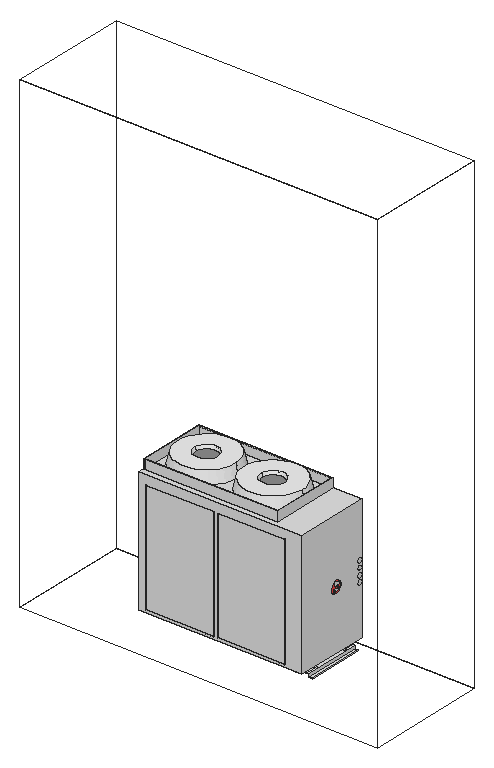
Revit family "HeatPump_AirToWater_Rheem_15kW_Vertical_LowGWP", category Mechanical Equipment, Revit 2021
Family settings
  Round Connector Dimension = Use Diameter
  Classification = None
  Part Type = Normal
  OmniClass Number = 23.33.17.00
  OmniClass Title = Heat Pumps
  Work Plane-Based = No
  Always vertical = Yes
  Cut with Voids When Loaded = No
  Shared = No
  Room Calculation Point = No
Parameters (values of type "Ducted (95201500)")
  Voltage = 230 V
  Uniclass2015Version = "v1.33"
  Uniclass2015Title = "Air to water heat pumps"
  Uniclass2015Code = "Pr_70_60_37_04"
  URL = "https://www.rheem.com.au/rheem/"
  Type Comments = "HeatPump - AirToWater - 15kW - Vertical - LowGWP - Ducted"
  ScreenMaterial = Metal_Vent_Rheem_HeatPump_Wire
  RequiredSpace [instance] = yes
  PowerFactor = 1
  ModifiedIssue = 20240801
  Model = "95201500"
  ManufacturerURLProductSpecific = "https://www.rheem.com.au/rheem/products/Commercial/Commercial-Heat-Pumps/Rheem-Commercial-Air-To-Water-Heat-Pumps/YF-Series-Air-to-Water-%28A2W%29-15kW-Commercial-Heat-Pump-%E2%80%93-Ducted/p/95201500"
  ManufacturerSpecCode = Model  # "95201500"
  ManufacturerOverallWidth = 1250 mm  # constant formula
  ManufacturerOverallHeight = 1074 mm  # constant formula
  ManufacturerOverallDepth = 565 mm  # constant formula
  ManufacturerHeightFromFFL [instance] = 500 mm
  Manufacturer = "Rheem"  # constant formula
  IfcExportType = "USERDEFINED"
  IfcExportAs = "IfcPump"
  FanMaterial = Metal_Vent_Rheem_HeatPump_AirSource
  FanHeight = 90 mm  # constant formula
  FanFrame = yes
  Description = "Rheem’s YF Series Commercial heat pump uses 1234yf refrigerant which has an ultra-low Global Warming Potential (GWP) of <1. Delivering hot water up to 65°C and operating in ambient temperatures to a low of 0°C with an improved Coefficient of Performance (COP) of up to 4.23 at 20°C ambient. Ducted models are designed with high static fans to enable reject air to be convey from the room. Models are  available in vertical and stackable horizontal discharge options."
  Default Elevation = 0 mm
  CreatedByURL = "https://igsgroup.com.au"
  CreatedBy = "IGS BIM Solutions"  # constant formula
  BodyMaterial = Aluminium_PowderCoat_Rheem_White
  Assembly Code = "D3020"
  ApparentLoad = 15.16 VA
Types (2, lengths in mm): name | Type Comments | Model | ManufacturerURLProductSpecific | ManufacturerSpecCode | ManufacturerHeightFromFFL | FanFrame | Description
  Ducted (95201500) | "HeatPump - AirToWater - 15kW - Vertical - LowGWP - Ducted" | "95201500" | "https://www.rheem.com.au/rheem/products/Commercial/Commercial-Heat-Pumps/Rheem-Commercial-Air-To-Water-Heat-Pumps/YF-Series-Air-to-Water-%28A2W%29-15kW-Commercial-Heat-Pump-%E2%80%93-Ducted/p/95201500" | "95201500" | 500 | yes | "Rheem’s YF Series Commercial heat pump uses 1234yf refrigerant which has an ultra-low Global Warming Potential (GWP) of <1. Delivering hot water up to 65°C and operating in ambient temperatures to a low of 0°C with an improved Coefficient of Performance (COP) of up to 4.23 at 20°C ambient. Ducted models are designed with high static fans to enable reject air to be convey from the room. Models are  available in vertical and stackable horizontal discharge options."
  Non Ducted (95301500) | "HeatPump - AirToWater - 15kW - Vertical - LowGWP - Non Ducted" | "95301500" | "https://www.rheem.com.au/rheem/products/Commercial/Commercial-Heat-Pumps/Rheem-Commercial-Air-To-Water-Heat-Pumps/YF-Series-Air-to-Water-%28A2W%29-15kW-Commercial-Heat-Pump-%E2%80%93-Non-Ducted/p/95301500" | "95301500" | 0 | no | "Rheem’s YF Series Commercial heat pump uses 1234yf refrigerant which has an ultra-low Global Warming Potential (GWP) of <1. Delivering hot water up to 65°C and operating in ambient temperatures to a low of 0°C with an improved Coefficient of Performance (COP) of up to 4.23 at 20°C ambient. Non ducted models are designed with electronically commutated fans for improved performance and are generally designed for outdoor installation, but may be installed indoors if a sufficient supply of heat energy is available. Models are  available in vertical and stackable horizontal discharge options."
Reference planes
  plane 1 "Center (Front/Back)": y = 0
  plane 2 "Ref. Level": z = 0
  plane 3 "Center (Left/Right)": x = -9.5
  plane 4 "Back": y = 282.5
  plane 5 "Front": y = -282.5
  plane 6 "BodyRight": x = 615.5
  plane 7 "Bottom": z = 500
  plane 8 "Centre (Elevation)": z = 1551
  plane 9 "Top": z = 1574
  plane 10 "PlinthTop": z = 549
  plane 11 "Plint": z = 524.5
  plane 12 "BodyTop": z = 1484
  plane 13 "Connector1": z = 699
  plane 14 "Connector2": z = 1029
  plane 15 "RequiredSpaceLeft": x = -1234.5
  plane 16 "RequiredSpaceRight": x = 1465.5
  plane 17 "RequiredSpaceTop": z = 4074
  plane 18 "RequiredSpaceFront": y = -632.5
  plane 19 "FanFrameTop": z = 1554
  plane 20 "Left": x = -634.5
  plane 21 "BackRef1": z = 684
  plane 22 "BackRef2": z = 934
  plane 23 "BackRef3": z = 1099
  plane 24 "BackRef4": z = 1349
  plane 25 "LogoCentre": z = 1334
  plane 26 "BodyLeft": x = -615.5
  plane 27 "LogoCentreBottom": z = 1000
Forms (mm)
  Extrusion 1, solid, material "Aluminium_PowderCoat_Rheem_White" <- "BodyMaterial"
    sketch origin (0, 0, 500) x (0, -1, 0) y (1, 0, 0)
      loop
        line (-282.5, -615.5) -> (277.5, -615.5) -> (277.5, 615.5) -> (-282.5, 615.5) -> (-282.5, -615.5)
    from 49 to 984
  Extrusion 2, solid, material "Metal_Vent_Rheem_HeatPump_Wire" <- "ScreenMaterial"
    sketch origin (-36.5, -282.5, 0) x (1, 0, 0) y (0, 0, 1)
      loop
        line (522, 1416) -> (13, 1416) -> (13, 569) -> (522, 569) -> (522, 1416)
      loop
        line (-526, 1416) -> (-526, 569) -> (-17, 569) -> (-17, 1416) -> (-526, 1416)
    from 0 to -5
  Extrusion 3, solid, material "RequiredSpace", visible <- "RequiredSpace"
    sketch origin (0, 0, 0) x (0, -1, 0) y (-1, 0, 0)
      loop
        line (-282.5, 1234.5) -> (-282.5, -1465.5) -> (632.5, -1465.5) -> (632.5, 1234.5) -> (-282.5, 1234.5)
    from -500 to -4074
  Extrusion 4, solid, material "Aluminium_PowderCoat_Rheem_White" <- "BodyMaterial"
    sketch origin (0, -282.5, 0) x (1, 0, 0) y (0, 0, 1)
      loop
        line (-615.5, 1484) -> (-615.5, 549) -> (615.5, 549) -> (615.5, 1484) -> (-615.5, 1484)
      loop
        line (-562.5, 1416) -> (-562.5, 569) -> (-53.5, 569) -> (-53.5, 1416) -> (-562.5, 1416)
      loop
        line (485.5, 1416) -> (-23.5, 1416) -> (-23.5, 569) -> (485.5, 569) -> (485.5, 1416)
    from 0 to -5
  Extrusion 5, solid, material "Aluminium_PowderCoat_Rheem_White" <- "BodyMaterial", visible <- "FanFrame"
    sketch origin (0, 0, 1484) x (0, -1, 0) y (1, 0, 0)
      loop
        line (-282.5, -615.5) -> (238.5, -615.5) -> (238.5, 394.5) -> (-282.5, 394.5) -> (-282.5, -615.5)
      loop
        line (-277.5, -610.5) -> (233.5, -610.5) -> (233.5, 389.5) -> (-277.5, 389.5) -> (-277.5, -610.5)
    from 0 to 70
  Extrusion 6, solid, material "Aluminium_PowderCoat_Rheem_White" <- "BodyMaterial"
    sketch origin (-9.5, 0, 0) x (0, 1, 0) y (0, 0, 1)
      loop
        line (-110.395, 549) -> (-140.395, 549) -> (-140.395, 529.5) -> (-210.414, 529.5) -> (-210.414, 549) -> (-240.5, 549) -> (-240.5, 544) -> (-215.5, 544) -> (-215.5, 524.5) -> (-135.395, 524.5) -> (-135.395, 544) -> (-110.395, 544) -> (-110.395, 549)
      loop
        line (240.5, 549) -> (210.5, 549) -> (210.5, 529.5) -> (140.481, 529.5) -> (140.481, 549) -> (110.395, 549) -> (110.395, 544) -> (135.395, 544) -> (135.395, 524.5) -> (215.5, 524.5) -> (215.5, 544) -> (240.5, 544) -> (240.5, 549)
    from -625 to 625
  Extrusion 7, solid, material "Aluminium_PowderCoat_Rheem_White", detail levels medium+fine
    sketch origin (-615.5, 0, 0) x (0, 1, 0) y (0, 0, -1)
      loop
        circle (190.5, -699) r 25
      loop
        circle (190.5, -1029) r 25
    from 50 to 0
  Extrusion 8, solid, material "Aluminium_PowderCoat_Rheem_White", detail levels medium+fine
    sketch origin (-615.5, 0, 0) x (0, 1, 0) y (0, 0, -1)
      loop
        circle (-85.5, -559) r 10
    from 50 to 0
  Extrusion 9, solid, material "Aluminium_PowderCoat_Rheem_White", detail levels medium+fine
    sketch origin (615.5, 0, -95) x (0, 1, 0) y (0, 0, 1)
      loop
        circle (255.5, 1179) r 15
      loop
        circle (255.5, 1129) r 15
      loop
        circle (255.5, 1079) r 15
      loop
        circle (255.5, 1029) r 15
    from 0 to 5
  Extrusion 10, void
    sketch origin (0, 0, 0) x (1, 0, 0) y (0, 0, 1)
      loop
        line (-634.5, 549) -> (-634.5, 524.5) -> (-581.96, 549) -> (-634.5, 549)
      loop
        line (615.5, 549) -> (562.96, 549) -> (615.5, 524.5) -> (615.5, 549)
    from 240.5 to -240.5
  Extrusion 11, solid, material "Aluminium_PowderCoat_Rheem_White" <- "BodyMaterial"
    sketch origin (0, 0, 500) x (1, 0, 0) y (0, 0, 1)
      loop
        line (640.5, 0) -> (640.5, 5) -> (615.5, 5) -> (615.5, 24.5) -> (535.5, 24.5) -> (535.5, 5) -> (510.5, 5) -> (510.5, 0) -> (540.5, 0) -> (540.5, 19.5) -> (610.5, 19.5) -> (610.5, 0) -> (640.5, 0)
    from -215.5 to 215.5
Cuts and joins
  Extrusion 10 cuts Extrusion 1
  Extrusion 10 cuts Extrusion 4
  joined: Extrusion 1, Extrusion 4
  Extrusion 10 cuts Extrusion 6
Lines and regions (mm)
  Masking region 1
    outline origin (0, 0, 1484) x (0, -1, 0) y (1, 0, 0)
      loop
        line (-282.5, -615.5) -> (-239.5, -615.5) -> (-239.5, -634.5) -> (-110.395, -634.5) -> (-110.395, -615.5) -> (110.395, -615.5) -> (110.395, -634.5) -> (239.5, -634.5) -> (239.5, -615.5) -> (282.5, -615.5) -> (282.5, 615.5) -> (215.5, 615.5) -> (215.5, 640.5) -> (-215.5, 640.5) -> (-215.5, 615.5) -> (-282.5, 615.5) -> (-282.5, -615.5)
  model lines, style "Plant Equipment", detail levels medium+fine
    curve 1: line (-375.5, 282.5, 1349) -> (375.5, 282.5, 1349)
    curve 2: arc (375.5, 282.5, 1349) -> (432.069, 282.5, 1325.569) -> (455.5, 282.5, 1269) r 80
    curve 3: line (455.5, 282.5, 1269) -> (455.5, 282.5, 1179)
    curve 4: arc (455.5, 282.5, 1179) -> (432.069, 282.5, 1122.431) -> (375.5, 282.5, 1099) r 80
    curve 5: line (375.5, 282.5, 1099) -> (-375.5, 282.5, 1099)
    curve 6: arc (-375.5, 282.5, 1099) -> (-432.069, 282.5, 1122.431) -> (-455.5, 282.5, 1179) r 80
    curve 7: line (-455.5, 282.5, 1179) -> (-455.5, 282.5, 1269)
    curve 8: arc (-455.5, 282.5, 1269) -> (-432.069, 282.5, 1325.569) -> (-375.5, 282.5, 1349) r 80
    curve 9: line (-375.5, 282.5, 934) -> (375.5, 282.5, 934)
    curve 10: arc (375.5, 282.5, 934) -> (432.069, 282.5, 910.569) -> (455.5, 282.5, 854) r 80
    curve 11: line (455.5, 282.5, 854) -> (455.5, 282.5, 764)
    curve 12: arc (455.5, 282.5, 764) -> (432.069, 282.5, 707.431) -> (375.5, 282.5, 684) r 80
    curve 13: line (375.5, 282.5, 684) -> (-375.5, 282.5, 684)
    curve 14: arc (-375.5, 282.5, 684) -> (-432.069, 282.5, 707.431) -> (-455.5, 282.5, 764) r 80
    curve 15: line (-455.5, 282.5, 764) -> (-455.5, 282.5, 854)
    curve 16: arc (-455.5, 282.5, 854) -> (-432.069, 282.5, 910.569) -> (-375.5, 282.5, 934) r 80
    curve 49: line (615.5, 233.5, 1100) -> (615.5, -161.5, 1100)
    curve 50: line (615.5, -161.5, 1484) -> (615.5, -161.5, 549)
    curve 51: line (615.5, 233.5, 1484) -> (615.5, 233.5, 549)
    curve 52: line (-615.5, -156.5, 1484) -> (-615.5, -156.5, 549)
    curve 53: line (-615.5, 157.5, 1484) -> (-615.5, 157.5, 549)
  symbolic lines, style "Required Space", visible <- "RequiredSpace"
    curve 17: line (-1234.5, 282.5, 900) -> (1465.5, 282.5, 900)
    curve 18: line (-1234.5, -632.5, 900) -> (-1234.5, 282.5, 900)
    curve 19: line (1465.5, -632.5, 900) -> (-1234.5, -632.5, 900)
    curve 20: line (1465.5, 282.5, 900) -> (1465.5, -632.5, 900)
  symbolic lines, style "Plant Equipment", detail levels medium+fine
    curve 21: line (394.5, -238.5, 1484) -> (-615.5, -238.5, 1484)
    curve 22: line (394.5, 282.5, 1484) -> (394.5, -238.5, 1484)
    curve 23: line (389.5, 277.5, 1484) -> (389.5, -233.5, 1484)
    curve 24: line (389.5, -233.5, 1484) -> (-610.5, -233.5, 1484)
    curve 25: line (-610.5, -233.5, 1484) -> (-610.5, 277.5, 1484)
    curve 26: line (-610.5, 277.5, 1484) -> (389.5, 277.5, 1484)
    curve 27: line (615.5, 214.5, 1484) -> (615.5, -214.5, 1484)
    curve 28: line (-615.5, 239.5, 1484) -> (-615.5, 110.395, 1484)
    curve 29: line (-615.5, -110.395, 1484) -> (-615.5, -238.5, 1484)
    curve 30: line (-615.5, -239.5, 1484) -> (-615.5, -238.5, 1484)
    curve 31: circle (-359.5, 35.5, 1260) r 220 normal (0, 0, 1)
    curve 32: circle (-359.5, 35.5, 1260) r 200 normal (0, 0, 1)
    curve 33: circle (-359.5, 35.5, 1260) r 180 normal (0, 0, 1)
    curve 34: circle (-359.5, 35.5, 1260) r 160 normal (0, 0, 1)
    curve 35: circle (-359.5, 35.5, 1260) r 140 normal (0, 0, 1)
    curve 36: circle (-359.5, 35.5, 1260) r 120 normal (0, 0, 1)
    curve 37: circle (-359.5, 35.5, 1260) r 100 normal (0, 0, 1)
    curve 38: circle (-359.5, 35.5, 1260) r 240 normal (0, 0, 1)
    curve 39: circle (-359.5, 35.5, 1260) r 80 normal (0, 0, 1)
    curve 40: circle (142.5, 35.5, 1260) r 220 normal (0, 0, 1)
    curve 41: circle (142.5, 35.5, 1260) r 200 normal (0, 0, 1)
    curve 42: circle (142.5, 35.5, 1260) r 180 normal (0, 0, 1)
    curve 43: circle (142.5, 35.5, 1260) r 160 normal (0, 0, 1)
    curve 44: circle (142.5, 35.5, 1260) r 140 normal (0, 0, 1)
    curve 45: circle (142.5, 35.5, 1260) r 120 normal (0, 0, 1)
    curve 46: circle (142.5, 35.5, 1260) r 100 normal (0, 0, 1)
    curve 47: circle (142.5, 35.5, 1260) r 240 normal (0, 0, 1)
    curve 48: circle (142.5, 35.5, 1260) r 80 normal (0, 0, 1)
Text (mm)
  text "Disclaimer:\nDue to ongoing product development and manufacturing \nevolution, product details are subject to change without \nnotice. Please refer to product technical data sheets on \nthe manufacturers website for the most current product \ninformation. Please allow a +/- 5mm manufacturing \ntolerance for dimensions and set-outs shown in product \nliterature." at (985.527, 159.228, 0), in view "Ref. Level"
Dimensions and locks
  equal spacing: plane 20 "Left", plane 3 "Center (Left/Right)", plane 6 "BodyRight"
  equal spacing: plane 5 "Front", plane 1 "Center (Front/Back)", plane 4 "Back"
  "ManufacturerOverallDepth": plane 5 "Front" to plane 4 "Back"
  "ManufacturerOverallHeight": plane 9 "Top" to plane 7 "Bottom"
  "ManufacturerHeightFromFFL": plane 7 "Bottom" to plane 2 "Ref. Level"
  locked: plane 10 "PlinthTop" to plane 7 "Bottom" at 49
  equal spacing: plane 10 "PlinthTop", plane 11 "Plint", plane 7 "Bottom"
  locked: plane 17 "RequiredSpaceTop" to plane 9 "Top" at 2500
  locked: plane 18 "RequiredSpaceFront" to plane 5 "Front" at 350
  locked: plane 15 "RequiredSpaceLeft" to plane 20 "Left" at 600
  plane 6 "BodyRight" to plane 16 "RequiredSpaceRight" = 850 mm
  "ManufacturerOverallWidth": plane 20 "Left" to plane 6 "BodyRight"
  locked: plane 13 "Connector1" to plane 7 "Bottom" at 199
  locked: plane 14 "Connector2" to plane 13 "Connector1" at 330
  locked: plane 19 "FanFrameTop" to plane 12 "BodyTop" at 70
  plane 21 "BackRef1" to plane 22 "BackRef2" to plane 23 "BackRef3" to plane 24 "BackRef4" = 250 mm locked, 165 mm locked, 250 mm locked
  locked: plane 10 "PlinthTop" to plane 21 "BackRef1" at 135
  locked: plane 12 "BodyTop" to plane 25 "LogoCentre" at 150
  locked: plane 27 "LogoCentreBottom" to plane 7 "Bottom" at 500
  locked: plane 12 "BodyTop" to plane 7 "Bottom" at 984
  aligned and locked: level to plane 2 "Ref. Level"
  aligned and locked: plane 10 "PlinthTop" to Extrusion 1
  aligned and locked: Extrusion 1 to plane 12 "BodyTop"
  aligned and locked: Extrusion 3 to plane 17 "RequiredSpaceTop"
  aligned and locked: curve 19 to plane 18 "RequiredSpaceFront"
  aligned and locked: Extrusion 3 sketch curve to plane 18 "RequiredSpaceFront"
  aligned and locked: plane 7 "Bottom" to Extrusion 3
  aligned and locked: Extrusion 3 to plane 4 "Back"
  aligned and locked: plane 4 "Back" to Extrusion 1 sketch curve
  aligned and locked: Extrusion 4 sketch curve to Extrusion 2  (x2)
  aligned and locked: Extrusion 2 to Extrusion 4 sketch curve
  aligned and locked: plane 10 "PlinthTop" to Extrusion 4
  aligned and locked: Extrusion 5 to plane 19 "FanFrameTop"
  aligned and locked: plane 6 "BodyRight" to Extrusion 6
  aligned and locked: plane 20 "Left" to Extrusion 6
  aligned and locked: plane 13 "Connector1" to Extrusion 7 sketch curve
  aligned and locked: plane 14 "Connector2" to Extrusion 7 sketch curve
  aligned and locked: plane 20 "Left" to Extrusion 10 sketch curve
  aligned and locked: Extrusion 10 sketch curve to plane 10 "PlinthTop"
  aligned and locked: Extrusion 10 sketch curve to plane 6 "BodyRight"
  aligned and locked: Extrusion 10 to cut or joined group of Extrusion 6, Extrusion 10  (x2)
  aligned and locked: plane 7 "Bottom" to Extrusion 11
  aligned and locked: plane 25 "LogoCentre" to nested 2
  aligned and locked: plane 27 "LogoCentreBottom" to nested 1
  aligned and locked: plane 12 "BodyTop" to curve 52
  aligned and locked: plane 12 "BodyTop" to curve 53
  aligned and locked: plane 10 "PlinthTop" to curve 52
  aligned and locked: plane 10 "PlinthTop" to curve 53
Automatic sketch dimensions
  Extrusion 1 sketch curve to plane 6 "BodyRight" = 0 mm
  Extrusion 1 sketch curve to plane 5 "Front" = 5 mm
  Extrusion 1 sketch curve to plane 20 "Left" = 19 mm
  curve 9 to plane 22 "BackRef2" = 0 mm
  curve 8 to plane 24 "BackRef4" = 0 mm
  curve 5 to plane 23 "BackRef3" = 0 mm
  curve 14 to plane 21 "BackRef1" = 0 mm
  plane 22 "BackRef2" to curve 15 = 80 mm
  curve 15 to plane 20 "Left" = 179 mm
  curve 14 to plane 13 "Connector1" = 65 mm
  curve 6 to curve 5 = 80 mm
  plane 24 "BackRef4" to curve 8 = 80 mm
  curve 9 to plane 6 "BodyRight" = 240 mm
  curve 10 to curve 12 = 0 mm
  curve 2 to curve 4 = 0 mm
  curve 4 to curve 3 = 80 mm
  curve 11 to plane 13 "Connector1" = 65 mm
  Extrusion 2 sketch curve to plane 10 "PlinthTop" = 20 mm  (x2)
  Extrusion 2 sketch curve to plane 20 "Left" = 72 mm
  Extrusion 2 sketch curve to plane 3 "Center (Left/Right)" = 44 mm
  Extrusion 2 sketch curve to plane 3 "Center (Left/Right)" = 14 mm
  Extrusion 2 sketch curve to plane 6 "BodyRight" = 130 mm
  Extrusion 2 sketch curve to plane 24 "BackRef4" = 67 mm
  Extrusion 2 sketch curve to Extrusion 2 sketch curve = 0 mm
  plane 4 "Back" to Extrusion 3 sketch curve = 0 mm
  Extrusion 3 sketch curve to plane 15 "RequiredSpaceLeft" = 0 mm
  Extrusion 3 sketch curve to plane 16 "RequiredSpaceRight" = 0 mm
  plane 4 "Back" to curve 17 = 0 mm
  curve 19 to plane 15 "RequiredSpaceLeft" = 0 mm
  curve 19 to plane 16 "RequiredSpaceRight" = 0 mm
  plane 4 "Back" to Extrusion 5 sketch curve = 0 mm
  plane 4 "Back" to Extrusion 5 sketch curve = 5 mm
  Extrusion 5 sketch curve to plane 20 "Left" = 24 mm
  Extrusion 5 sketch curve to plane 5 "Front" = 49 mm
  Extrusion 5 sketch curve to Extrusion 5 sketch curve = 5 mm  (x3)
  Extrusion 5 sketch curve to plane 6 "BodyRight" = 226 mm
  plane 10 "PlinthTop" to Extrusion 6 sketch curve = 0 mm  (x4)
  plane 11 "Plint" to Extrusion 6 sketch curve = 0 mm  (x2)
  plane 10 "PlinthTop" to Extrusion 6 sketch curve = 5 mm  (x4)
  Extrusion 6 sketch curve to plane 5 "Front" = 42 mm
  Extrusion 6 sketch curve to Extrusion 6 sketch curve = 25 mm  (x4)
  Extrusion 6 sketch curve to Extrusion 6 sketch curve = 5.086 mm  (x2)
  Extrusion 6 sketch curve to Extrusion 6 sketch curve = 70.019 mm  (x2)
  Extrusion 6 sketch curve to Extrusion 6 sketch curve = 5 mm  (x2)
  Extrusion 6 sketch curve to plane 1 "Center (Front/Back)" = 110.395 mm
  Extrusion 6 sketch curve to plane 11 "Plint" = 5 mm  (x2)
  plane 4 "Back" to Masking region 1 sketch curve = 0 mm
  Masking region 1 sketch curve to plane 20 "Left" = 0 mm  (x2)
  Masking region 1 sketch curve to plane 6 "BodyRight" = 0 mm  (x2)
  plane 5 "Front" to Masking region 1 sketch curve = 0 mm
  plane 4 "Back" to Masking region 1 sketch curve = 43 mm
  plane 6 "BodyRight" to Masking region 1 sketch curve = 25 mm
  plane 4 "Back" to Masking region 1 sketch curve = 67 mm
  Masking region 1 sketch curve to plane 20 "Left" = 19 mm  (x2)
  Masking region 1 sketch curve to plane 1 "Center (Front/Back)" = 110.395 mm
  plane 1 "Center (Front/Back)" to Masking region 1 sketch curve = 110.395 mm
  Masking region 1 sketch curve to plane 5 "Front" = 67 mm
  Masking region 1 sketch curve to plane 5 "Front" = 43 mm
  Masking region 1 sketch curve to Masking region 1 sketch curve = 19 mm
  plane 4 "Back" to curve 22 = 0 mm
  curve 27 to plane 6 "BodyRight" = 0 mm
  plane 4 "Back" to curve 25 = 5 mm
  curve 24 to plane 5 "Front" = 49 mm
  curve 24 to curve 21 = 5 mm  (x2)
  curve 26 to plane 20 "Left" = 24 mm
  curve 30 to curve 24 = 5 mm
  curve 28 to plane 20 "Left" = 19 mm
  curve 25 to curve 28 = 38 mm
  plane 4 "Back" to curve 27 = 68 mm
  curve 28 to plane 1 "Center (Front/Back)" = 110.395 mm
  plane 1 "Center (Front/Back)" to curve 29 = 110.395 mm
  curve 27 to plane 5 "Front" = 68 mm
  curve 21 to curve 30 = 1 mm
  plane 14 "Connector2" to Extrusion 9 sketch curve = 95 mm
  plane 4 "Back" to Extrusion 9 sketch curve = 27 mm  (x4)
  plane 23 "BackRef3" to Extrusion 9 sketch curve = 115 mm
  plane 23 "BackRef3" to Extrusion 9 sketch curve = 65 mm
  Extrusion 9 sketch curve to Extrusion 9 sketch curve = 50 mm
  Extrusion 10 sketch curve to plane 10 "PlinthTop" = 0 mm
  Extrusion 10 sketch curve to plane 11 "Plint" = 0 mm  (x2)
  Extrusion 10 sketch curve to plane 20 "Left" = 52.54 mm
  Extrusion 10 sketch curve to plane 6 "BodyRight" = 52.54 mm
  curve 31 to curve 32 = 0 mm  (x2)
  curve 31 to curve 33 = 0 mm  (x2)
  curve 31 to curve 34 = 0 mm  (x2)
  curve 31 to curve 35 = 0 mm  (x2)
  curve 31 to curve 36 = 0 mm  (x2)
  curve 31 to curve 37 = 0 mm  (x2)
  curve 31 to curve 38 = 0 mm  (x2)
  curve 31 to curve 39 = 0 mm  (x2)
  curve 32 to curve 33 = 0 mm  (x2)
  curve 32 to curve 34 = 0 mm  (x2)
  curve 32 to curve 35 = 0 mm  (x2)
  curve 32 to curve 36 = 0 mm  (x2)
  curve 32 to curve 37 = 0 mm  (x2)
  curve 32 to curve 38 = 0 mm  (x2)
  curve 32 to curve 39 = 0 mm  (x2)
  curve 33 to curve 34 = 0 mm  (x2)
  curve 33 to curve 35 = 0 mm  (x2)
  curve 33 to curve 36 = 0 mm  (x2)
  curve 33 to curve 37 = 0 mm  (x2)
  curve 33 to curve 38 = 0 mm  (x2)
  curve 33 to curve 39 = 0 mm  (x2)
  curve 34 to curve 35 = 0 mm  (x2)
  curve 34 to curve 36 = 0 mm  (x2)
  curve 34 to curve 37 = 0 mm  (x2)
  curve 34 to curve 38 = 0 mm  (x2)
  curve 34 to curve 39 = 0 mm  (x2)
  curve 35 to curve 36 = 0 mm  (x2)
  curve 35 to curve 37 = 0 mm  (x2)
  curve 35 to curve 38 = 0 mm  (x2)
  curve 35 to curve 39 = 0 mm  (x2)
  curve 36 to curve 37 = 0 mm  (x2)
  curve 36 to curve 38 = 0 mm  (x2)
  curve 36 to curve 39 = 0 mm  (x2)
  curve 37 to curve 38 = 0 mm  (x2)
  curve 37 to curve 39 = 0 mm  (x2)
  curve 38 to curve 39 = 0 mm  (x2)
  curve 40 to curve 41 = 0 mm  (x2)
  curve 40 to curve 42 = 0 mm  (x2)
  curve 40 to curve 43 = 0 mm  (x2)
  curve 40 to curve 44 = 0 mm  (x2)
  curve 40 to curve 45 = 0 mm  (x2)
  curve 40 to curve 46 = 0 mm  (x2)
  curve 40 to curve 47 = 0 mm  (x2)
  curve 40 to curve 48 = 0 mm  (x2)
  curve 41 to curve 42 = 0 mm  (x2)
  curve 41 to curve 43 = 0 mm  (x2)
  curve 41 to curve 44 = 0 mm  (x2)
  curve 41 to curve 45 = 0 mm  (x2)
  curve 41 to curve 46 = 0 mm  (x2)
  curve 41 to curve 47 = 0 mm  (x2)
  curve 41 to curve 48 = 0 mm  (x2)
  curve 42 to curve 43 = 0 mm  (x2)
  curve 42 to curve 44 = 0 mm  (x2)
  curve 42 to curve 45 = 0 mm  (x2)
  curve 42 to curve 46 = 0 mm  (x2)
  curve 42 to curve 47 = 0 mm  (x2)
  curve 42 to curve 48 = 0 mm  (x2)
  curve 43 to curve 44 = 0 mm  (x2)
  curve 43 to curve 45 = 0 mm  (x2)
  curve 43 to curve 46 = 0 mm  (x2)
  curve 43 to curve 47 = 0 mm  (x2)
  curve 43 to curve 48 = 0 mm  (x2)
  curve 44 to curve 45 = 0 mm  (x2)
  curve 44 to curve 46 = 0 mm  (x2)
  curve 44 to curve 47 = 0 mm  (x2)
  curve 44 to curve 48 = 0 mm  (x2)
  curve 45 to curve 46 = 0 mm  (x2)
  curve 45 to curve 47 = 0 mm  (x2)
  curve 45 to curve 48 = 0 mm  (x2)
  curve 46 to curve 47 = 0 mm  (x2)
  curve 46 to curve 48 = 0 mm  (x2)
  curve 47 to curve 48 = 0 mm  (x2)
  curve 31 to plane 1 "Center (Front/Back)" = 35.5 mm
  curve 40 to plane 1 "Center (Front/Back)" = 35.5 mm
  curve 31 to plane 20 "Left" = 275 mm
  plane 3 "Center (Left/Right)" to curve 40 = 152 mm
  Extrusion 11 sketch curve to plane 6 "BodyRight" = 0 mm
  Extrusion 11 sketch curve to plane 6 "BodyRight" = 5 mm
  Extrusion 11 sketch curve to Extrusion 11 sketch curve = 70 mm
  Extrusion 11 sketch curve to Extrusion 11 sketch curve = 5 mm  (x4)
  Extrusion 11 sketch curve to Extrusion 11 sketch curve = 25 mm
  plane 6 "BodyRight" to Extrusion 11 sketch curve = 25 mm
  level to Extrusion 11 sketch curve = 500 mm
  Extrusion 11 sketch curve to Extrusion 11 sketch curve = 0 mm
  Extrusion 11 sketch curve to Extrusion 11 sketch curve = 14.5 mm
  curve 26 to plane 6 "BodyRight" = 226 mm
  Extrusion 4 sketch curve to plane 10 "PlinthTop" = 0 mm
  Extrusion 4 sketch curve to plane 12 "BodyTop" = 0 mm
  Extrusion 4 sketch curve to plane 6 "BodyRight" = 0 mm
  Extrusion 4 sketch curve to plane 20 "Left" = 19 mm
  Extrusion 4 sketch curve to plane 6 "BodyRight" = 130 mm
  Extrusion 4 sketch curve to plane 3 "Center (Left/Right)" = 14 mm
  Extrusion 4 sketch curve to Extrusion 4 sketch curve = 30 mm
  Extrusion 4 sketch curve to Extrusion 4 sketch curve = 0 mm
  Extrusion 4 sketch curve to plane 24 "BackRef4" = 67 mm
  curve 1 to plane 6 "BodyRight" = 240 mm
  curve 7 to plane 26 "BodyLeft" = 160 mm
  Extrusion 7 sketch curve to plane 4 "Back" = 92 mm  (x2)
  plane 10 "PlinthTop" to Extrusion 8 sketch curve = 10 mm
  Extrusion 8 sketch curve to plane 1 "Center (Front/Back)" = 85.5 mm
  plane 12 "BodyTop" to curve 50 = 0 mm
  plane 10 "PlinthTop" to curve 50 = 0 mm
  curve 49 to plane 23 "BackRef3" = 1 mm
  curve 49 to plane 5 "Front" = 121 mm
  plane 4 "Back" to curve 49 = 49 mm
  plane 10 "PlinthTop" to curve 51 = 0 mm
  plane 12 "BodyTop" to curve 51 = 0 mm
  plane 5 "Front" to curve 52 = 126 mm
  curve 53 to plane 4 "Back" = 125 mm
  radius of Extrusion 9 sketch curve = 15 mm  (x4)
  radius of curve 31 = 220 mm
  radius of curve 32 = 200 mm
  radius of curve 33 = 180 mm
  radius of curve 34 = 160 mm
  radius of curve 35 = 140 mm
  radius of curve 36 = 120 mm
  radius of curve 37 = 100 mm
  radius of curve 38 = 240 mm
  radius of curve 39 = 80 mm
  radius of curve 40 = 220 mm
  radius of curve 41 = 200 mm
  radius of curve 42 = 180 mm
  radius of curve 43 = 160 mm
  radius of curve 44 = 140 mm
  radius of curve 45 = 120 mm
  radius of curve 46 = 100 mm
  radius of curve 47 = 240 mm
  radius of curve 48 = 80 mm
  radius of Extrusion 7 sketch curve = 25 mm  (x2)
  radius of Extrusion 8 sketch curve = 10 mm
Nested families
  nested 1: "z_Rheem_Logo" at (615.5, 36, 1000) x (0, 1, 0) z (1, 0, 0), type "Type 1", detail levels medium+fine
  nested 2: "z_Rheem_Logo" at (-615.5, 0.5, 1334) x (0, -1, 0) z (-1, 0, 0), type "Type 1", detail levels medium+fine
  nested 3: "z_HeatPump_Rheem_Fan_LowGWP" at (-359.5, 35.5, 1484), type "Type 1"
  nested 4: "z_HeatPump_Rheem_Fan_LowGWP" at (142.5, 35.5, 1484), type "Type 1"
Connectors
  piping at (-665.5, 190.5, 699), diameter 41
    settings: on Extrusion 7, index 1, connector inside diameter 609.6 mm, connector length 0 mm, flow factor 0, pipe flow 0.0 L/s, pressure drop 0.0 Pa, fitting loss kfactor 0, connector angle 0.00°, fixture units 0, engagement length 0 mm, angle of deflection 0.00°, flow configuration 1, flow direction 1, fitting loss method 0, system type 20, joint type 0, gender type 0, connector reference index -1, connector utility 0, adjustable connector no, is connector primary yes, connector description "Cold Water Supply"
  piping at (-665.5, -85.5, 559), diameter 20
    settings: on Extrusion 8, index 2, connector inside diameter 609.6 mm, connector length 0 mm, flow factor 0, pipe flow 0.0 L/s, pressure drop 0.0 Pa, fitting loss kfactor 0, connector angle 0.00°, fixture units 0, engagement length 0 mm, angle of deflection 0.00°, flow configuration 1, flow direction 2, fitting loss method 0, system type 16, joint type 0, gender type 0, connector reference index -1, connector utility 0, adjustable connector no, is connector primary no, connector description ""
  piping at (-665.5, 190.5, 699), diameter 41
    settings: on Extrusion 7, index 3, connector inside diameter 609.6 mm, connector length 0 mm, flow factor 0, pipe flow 0.0 L/s, pressure drop 0.0 Pa, fitting loss kfactor 0, connector angle 0.00°, fixture units 0, engagement length 0 mm, angle of deflection 0.00°, flow configuration 1, flow direction 2, fitting loss method 0, system type 19, joint type 0, gender type 0, connector reference index -1, connector utility 0, adjustable connector no, is connector primary no, connector description "Hot Water Supply"
  electrical at (620.5, 255.5, 1084), driven by "Voltage", driven by "ApparentLoad", driven by "PowerFactor"
    settings: on Extrusion 9, index 4, voltage 230 V, apparent load 15.16 VA, apparent load phase1 0 VA, apparent load phase2 0 VA, apparent load phase3 0 VA, power factor 1, load classification "Other", number of poles 1, system type 30, power factor state 1, is connector primary yes, connector utility no, sub classification motor no, connector description ""
  electrical at (620.5, 255.5, 1034), driven by "Voltage", driven by "ApparentLoad", driven by "PowerFactor"
    settings: on Extrusion 9, index 5, voltage 230 V, apparent load 15.16 VA, apparent load phase1 0 VA, apparent load phase2 0 VA, apparent load phase3 0 VA, power factor 1, load classification "Other", number of poles 1, system type 30, power factor state 1, is connector primary no, connector utility no, sub classification motor no, connector description ""
  electrical at (620.5, 255.5, 984), driven by "Voltage", driven by "ApparentLoad", driven by "PowerFactor"
    settings: on Extrusion 9, index 6, voltage 230 V, apparent load 15.16 VA, apparent load phase1 0 VA, apparent load phase2 0 VA, apparent load phase3 0 VA, power factor 1, load classification "Other", number of poles 1, system type 30, power factor state 1, is connector primary no, connector utility no, sub classification motor no, connector description ""
  electrical at (620.5, 255.5, 934), driven by "Voltage", driven by "ApparentLoad", driven by "PowerFactor"
    settings: on Extrusion 9, index 7, voltage 230 V, apparent load 15.16 VA, apparent load phase1 0 VA, apparent load phase2 0 VA, apparent load phase3 0 VA, power factor 1, load classification "Other", number of poles 1, system type 30, power factor state 1, is connector primary no, connector utility no, sub classification motor no, connector description ""
Definition of nested family "z_Rheem_Logo"
  Parameters (values of type "Type 1")
    Uniclass2015Version = ""
    Uniclass2015Title = ""
    Uniclass2015Code = ""
    ModifiedIssue = 0
    Material = none
    ManufacturerURLProductSpecific = ""
    ManufacturerSpecCode = ""
    ManufacturerOverallWidth = 86 mm
    ManufacturerOverallLength = 86 mm
    ManufacturerOverallHeight = 1 mm
    ManufacturerHeightFromFFL = 0 mm
    IfcExportType = ""
    IfcExportAs = ""
    Default Elevation = 1219.2 mm
    CreatedByURL = "https://igsgroup.com.au"
    CreatedBy = "IGS BIM Solutions"  # constant formula
  Reference planes
    plane 1 "Center (Front/Back)": y = 0
    plane 2: z = 0
    plane 3 "Center (Left/Right)": x = 0
    plane 4 "Left": x = -43
    plane 5 "Right": x = 43
    plane 6 "Back": y = 43
    plane 7 "Front": y = -43
    plane 8 "Bottom": z = 0
    plane 9 "Center (Elevation)": z = 0.5
    plane 10 "Top": z = 1
  Forms (mm)
    Extrusion 1, solid
      sketch origin (0, 0, 0) x (1, 0, 0) y (0, 1, 0)
        loop
          line (-1219.2, 1219.2) -> (-1219.2, -1219.2) -> (1219.2, -1219.2) -> (1219.2, 1219.2) -> (-1219.2, 1219.2)
      from 0 to -304.8
    Extrusion 2, solid, material <- "Material", detail levels medium+fine
      sketch origin (0, 0, 0) x (-1, 0, 0) y (0, -1, 0)
        loop
          circle (0, 0) r 43
        loop
          arc (33.529, 21.813) -> (-38.36, 11.338) -> (16.283, -36.536) r 40
          line (16.283, -36.536) -> (16.283, -5.397)
          arc (16.283, -5.397) -> (14.75, -6.901) -> (12.662, -7.405) r 4.033
          arc (12.662, -7.405) -> (9.852, -6.403) -> (8.561, -3.712) r 3.918
          line (8.561, -3.712) -> (8.561, 8.033) -> (11.525, 8.033) -> (11.525, -1.806)
          arc (11.525, -1.806) -> (12.858, -4.057) -> (15.428, -3.572) r 2.279
          arc (15.428, -3.572) -> (15.988, -2.759) -> (16.246, -1.806) r 2.925
          line (16.246, -1.806) -> (16.246, 8.079) -> (19.645, 8.079) -> (19.645, -34.843)
          arc (19.645, -34.843) -> (26.644, -29.834) -> (32.41, -23.444) r 40
          arc (32.41, -23.444) -> (21.103, -13.87) -> (28.782, -1.2) r 11.411
          line (28.782, -1.2) -> (7.321, 24.919) -> (11.462, 24.919) -> (31.83, 0.131) -> (31.83, 21.813) -> (33.529, 21.813)
        loop
          line (35.017, 19.335) -> (35.017, -19.335)
          arc (35.017, -19.335) -> (40, 0) -> (35.017, 19.335) r 40
        loop
          line (-19.37, 8.097) -> (-22.563, 8.097) -> (-22.563, -2.258)
          spline (-22.563, -2.258) -> (-22.878, -3.103) -> (-23.24, -3.526) -> (-23.639, -3.818) -> (-24.082, -3.997) -> (-24.556, -4.074) -> (-25.034, -4.068) -> (-25.491, -3.983) -> (-25.903, -3.817) -> (-26.238, -3.56) -> (-26.492, -3.191) -> (-26.717, -2.639) -> (-26.9, -1.6)
          line (-26.9, -1.6) -> (-26.9, 8.097) -> (-29.854, 8.097) -> (-29.854, -2.258)
          spline (-29.854, -2.258) -> (-30.181, -3.064) -> (-30.553, -3.474) -> (-30.969, -3.74) -> (-31.419, -3.936) -> (-31.889, -4.059) -> (-32.364, -4.078) -> (-32.821, -3.995) -> (-33.233, -3.826) -> (-33.568, -3.567) -> (-33.822, -3.195) -> (-34.048, -2.639) -> (-34.231, -1.594)
          line (-34.231, -1.594) -> (-34.231, 8.097) -> (-37.174, 8.097) -> (-37.174, -3.718)
          spline (-37.174, -3.718) -> (-36.65, -5.383) -> (-35.957, -6.159) -> (-35.415, -6.563) -> (-34.941, -6.826) -> (-34.394, -7.032) -> (-33.695, -7.17) -> (-32.91, -7.2) -> (-32.152, -7.119) -> (-31.53, -6.952) -> (-31.006, -6.67) -> (-30.429, -6.179) -> (-29.566, -5.166)
          spline (-29.566, -5.166) -> (-28.777, -6.078) -> (-28.276, -6.494) -> (-27.782, -6.788) -> (-27.231, -7.014) -> (-26.621, -7.177) -> (-26.085, -7.261) -> (-25.622, -7.26) -> (-25.015, -7.185) -> (-24.376, -7.012) -> (-23.849, -6.722) -> (-23.308, -6.304) -> (-22.552, -5.275)
          line (-22.552, -5.275) -> (-22.552, -6.926) -> (-19.37, -6.926) -> (-19.37, 8.097)
        loop
          line (4.051, -1.414) -> (-2.029, -1.414)
          spline (-2.029, -1.414) -> (-1.473, -2.786) -> (-1.087, -3.377) -> (-0.673, -3.834) -> (-0.205, -4.224) -> (0.271, -4.485) -> (0.868, -4.588) -> (1.527, -4.548) -> (2.06, -4.356) -> (2.438, -4.033) -> (2.865, -3.608) -> (3.384, -2.906) -> (4.051, -1.414)
        loop
          line (4.095, 1.507) -> (-5.029, 1.507)
          spline (-5.029, 1.507) -> (-4.769, -1.886) -> (-4.1, -3.692) -> (-3.083, -5.302) -> (-1.664, -6.502) -> (0.127, -7.316) -> (1.72, -7.317) -> (3.497, -6.614) -> (4.898, -5.44) -> (6.016, -3.817) -> (6.693, -1.944) -> (6.954, -0.058) -> (6.657, 3.194)
          spline (6.657, 3.194) -> (5.711, 5.424) -> (4.777, 6.63) -> (3.808, 7.465) -> (2.878, 7.994) -> (1.873, 8.306) -> (0.773, 8.411) -> (-0.288, 8.278) -> (-1.264, 7.907) -> (-2.23, 7.346) -> (-3.148, 6.594) -> (-4.02, 5.578) -> (-4.876, 3.596)
          line (-4.876, 3.596) -> (-1.705, 3.596)
          spline (-1.705, 3.596) -> (-0.883, 4.78) -> (-0.307, 5.189) -> (0.248, 5.429) -> (0.802, 5.54) -> (1.305, 5.525) -> (1.909, 5.294) -> (2.514, 4.923) -> (2.921, 4.547) -> (3.253, 4.098) -> (3.591, 3.486) -> (3.885, 2.641) -> (4.095, 1.507)
        loop
          line (-8.984, -1.152) -> (-15.064, -1.152)
          spline (-15.064, -1.152) -> (-14.509, -2.524) -> (-14.123, -3.116) -> (-13.708, -3.573) -> (-13.241, -3.962) -> (-12.764, -4.224) -> (-12.168, -4.327) -> (-11.508, -4.287) -> (-10.975, -4.095) -> (-10.598, -3.771) -> (-10.171, -3.347) -> (-9.652, -2.645) -> (-8.984, -1.152)
        loop
          line (-8.973, 1.54) -> (-18.097, 1.54)
          spline (-18.097, 1.54) -> (-17.837, -1.853) -> (-17.168, -3.659) -> (-16.151, -5.269) -> (-14.732, -6.469) -> (-12.941, -7.283) -> (-11.348, -7.285) -> (-9.571, -6.581) -> (-8.17, -5.407) -> (-7.052, -3.785) -> (-6.375, -1.911) -> (-6.114, -0.026) -> (-6.412, 3.226)
          spline (-6.412, 3.226) -> (-7.357, 5.456) -> (-8.291, 6.663) -> (-9.26, 7.498) -> (-10.191, 8.027) -> (-11.195, 8.339) -> (-12.295, 8.444) -> (-13.356, 8.311) -> (-14.332, 7.939) -> (-15.298, 7.379) -> (-16.217, 6.626) -> (-17.088, 5.61) -> (-17.944, 3.629)
          line (-17.944, 3.629) -> (-14.773, 3.629)
          spline (-14.773, 3.629) -> (-13.951, 4.813) -> (-13.375, 5.222) -> (-12.82, 5.462) -> (-12.266, 5.573) -> (-11.763, 5.557) -> (-11.159, 5.326) -> (-10.555, 4.955) -> (-10.147, 4.58) -> (-9.816, 4.131) -> (-9.477, 3.519) -> (-9.183, 2.673) -> (-8.973, 1.54)
        loop
          arc (31.817, -3.841) -> (24.154, -12.033) -> (31.817, -20.226) r 8.211
          line (31.817, -20.226) -> (31.817, -3.841)
      from 0 to 1
  Lines and regions (mm)
    Masking region 1
      outline origin (0, 0, 0) x (-1, 0, 0) y (0, -1, 0)
        loop
          circle (0, 0) r 43
        loop
          arc (33.529, 21.813) -> (-38.36, 11.338) -> (16.283, -36.536) r 40
          line (16.283, -36.536) -> (16.283, -5.397)
          arc (16.283, -5.397) -> (14.75, -6.901) -> (12.662, -7.405) r 4.033
          arc (12.662, -7.405) -> (9.852, -6.403) -> (8.561, -3.712) r 3.918
          line (8.561, -3.712) -> (8.561, 8.033) -> (11.525, 8.033) -> (11.525, -1.806)
          arc (11.525, -1.806) -> (12.858, -4.057) -> (15.428, -3.572) r 2.279
          arc (15.428, -3.572) -> (15.988, -2.759) -> (16.246, -1.806) r 2.925
          line (16.246, -1.806) -> (16.246, 8.079) -> (19.645, 8.079) -> (19.645, -34.843)
          arc (19.645, -34.843) -> (26.644, -29.834) -> (32.41, -23.444) r 40
          arc (32.41, -23.444) -> (21.103, -13.87) -> (28.782, -1.2) r 11.411
          line (28.782, -1.2) -> (7.321, 24.919) -> (11.462, 24.919) -> (31.83, 0.131) -> (31.83, 21.813) -> (33.529, 21.813)
        loop
          line (35.017, 19.335) -> (35.017, -19.335)
          arc (35.017, -19.335) -> (40, 0) -> (35.017, 19.335) r 40
        loop
          line (-19.37, 8.097) -> (-22.563, 8.097) -> (-22.563, -2.258)
          spline (-22.563, -2.258) -> (-22.878, -3.103) -> (-23.24, -3.526) -> (-23.639, -3.818) -> (-24.082, -3.997) -> (-24.556, -4.074) -> (-25.034, -4.068) -> (-25.491, -3.983) -> (-25.903, -3.817) -> (-26.238, -3.56) -> (-26.492, -3.191) -> (-26.717, -2.639) -> (-26.9, -1.6)
          line (-26.9, -1.6) -> (-26.9, 8.097) -> (-29.854, 8.097) -> (-29.854, -2.258)
          spline (-29.854, -2.258) -> (-30.181, -3.064) -> (-30.553, -3.474) -> (-30.969, -3.74) -> (-31.419, -3.936) -> (-31.889, -4.059) -> (-32.364, -4.078) -> (-32.821, -3.995) -> (-33.233, -3.826) -> (-33.568, -3.567) -> (-33.822, -3.195) -> (-34.048, -2.639) -> (-34.231, -1.594)
          line (-34.231, -1.594) -> (-34.231, 8.097) -> (-37.174, 8.097) -> (-37.174, -3.718)
          spline (-37.174, -3.718) -> (-36.65, -5.383) -> (-35.957, -6.159) -> (-35.415, -6.563) -> (-34.941, -6.826) -> (-34.394, -7.032) -> (-33.695, -7.17) -> (-32.91, -7.2) -> (-32.152, -7.119) -> (-31.53, -6.952) -> (-31.006, -6.67) -> (-30.429, -6.179) -> (-29.566, -5.166)
          spline (-29.566, -5.166) -> (-28.777, -6.078) -> (-28.276, -6.494) -> (-27.782, -6.788) -> (-27.231, -7.014) -> (-26.621, -7.177) -> (-26.085, -7.261) -> (-25.622, -7.26) -> (-25.015, -7.185) -> (-24.376, -7.012) -> (-23.849, -6.722) -> (-23.308, -6.304) -> (-22.552, -5.275)
          line (-22.552, -5.275) -> (-22.552, -6.926) -> (-19.37, -6.926) -> (-19.37, 8.097)
        loop
          line (4.051, -1.414) -> (-2.029, -1.414)
          spline (-2.029, -1.414) -> (-1.473, -2.786) -> (-1.087, -3.377) -> (-0.673, -3.834) -> (-0.205, -4.224) -> (0.271, -4.485) -> (0.868, -4.588) -> (1.527, -4.548) -> (2.06, -4.356) -> (2.438, -4.033) -> (2.865, -3.608) -> (3.384, -2.906) -> (4.051, -1.414)
        loop
          line (4.095, 1.507) -> (-5.029, 1.507)
          spline (-5.029, 1.507) -> (-4.769, -1.886) -> (-4.1, -3.692) -> (-3.083, -5.302) -> (-1.664, -6.502) -> (0.127, -7.316) -> (1.72, -7.317) -> (3.497, -6.614) -> (4.898, -5.44) -> (6.016, -3.817) -> (6.693, -1.944) -> (6.954, -0.058) -> (6.657, 3.194)
          spline (6.657, 3.194) -> (5.711, 5.424) -> (4.777, 6.63) -> (3.808, 7.465) -> (2.878, 7.994) -> (1.873, 8.306) -> (0.773, 8.411) -> (-0.288, 8.278) -> (-1.264, 7.907) -> (-2.23, 7.346) -> (-3.148, 6.594) -> (-4.02, 5.578) -> (-4.876, 3.596)
          line (-4.876, 3.596) -> (-1.705, 3.596)
          spline (-1.705, 3.596) -> (-0.883, 4.78) -> (-0.307, 5.189) -> (0.248, 5.429) -> (0.802, 5.54) -> (1.305, 5.525) -> (1.909, 5.294) -> (2.514, 4.923) -> (2.921, 4.547) -> (3.253, 4.098) -> (3.591, 3.486) -> (3.885, 2.641) -> (4.095, 1.507)
        loop
          line (-8.984, -1.152) -> (-15.064, -1.152)
          spline (-15.064, -1.152) -> (-14.509, -2.524) -> (-14.123, -3.116) -> (-13.708, -3.573) -> (-13.241, -3.962) -> (-12.764, -4.224) -> (-12.168, -4.327) -> (-11.508, -4.287) -> (-10.975, -4.095) -> (-10.598, -3.771) -> (-10.171, -3.347) -> (-9.652, -2.645) -> (-8.984, -1.152)
        loop
          line (-8.973, 1.54) -> (-18.097, 1.54)
          spline (-18.097, 1.54) -> (-17.837, -1.853) -> (-17.168, -3.659) -> (-16.151, -5.269) -> (-14.732, -6.469) -> (-12.941, -7.283) -> (-11.348, -7.285) -> (-9.571, -6.581) -> (-8.17, -5.407) -> (-7.052, -3.785) -> (-6.375, -1.911) -> (-6.114, -0.026) -> (-6.412, 3.226)
          spline (-6.412, 3.226) -> (-7.357, 5.456) -> (-8.291, 6.663) -> (-9.26, 7.498) -> (-10.191, 8.027) -> (-11.195, 8.339) -> (-12.295, 8.444) -> (-13.356, 8.311) -> (-14.332, 7.939) -> (-15.298, 7.379) -> (-16.217, 6.626) -> (-17.088, 5.61) -> (-17.944, 3.629)
          line (-17.944, 3.629) -> (-14.773, 3.629)
          spline (-14.773, 3.629) -> (-13.951, 4.813) -> (-13.375, 5.222) -> (-12.82, 5.462) -> (-12.266, 5.573) -> (-11.763, 5.557) -> (-11.159, 5.326) -> (-10.555, 4.955) -> (-10.147, 4.58) -> (-9.816, 4.131) -> (-9.477, 3.519) -> (-9.183, 2.673) -> (-8.973, 1.54)
        loop
          arc (31.817, -3.841) -> (24.154, -12.033) -> (31.817, -20.226) r 8.211
          line (31.817, -20.226) -> (31.817, -3.841)
  Dimensions and locks
    "ManufacturerOverallHeight": plane 10 "Top" to plane 8 "Bottom"
    equal spacing: plane 10 "Top", plane 9 "Center (Elevation)", plane 8 "Bottom"
    "ManufacturerHeightFromFFL": plane 8 "Bottom" to plane 2
    "ManufacturerOverallLength": plane 4 "Left" to plane 5 "Right"
    equal spacing: plane 4 "Left", plane 3 "Center (Left/Right)", plane 5 "Right"
    "ManufacturerOverallWidth": plane 7 "Front" to plane 6 "Back"
    equal spacing: plane 7 "Front", plane 1 "Center (Front/Back)", plane 6 "Back"
    aligned and locked: plane 2 to Extrusion 1
    aligned and locked: level to Extrusion 1
    aligned and locked: plane 10 "Top" to Extrusion 2
  Automatic sketch dimensions
    Extrusion 1 sketch curve to Extrusion 1 sketch curve = 2438.4 mm  (x2)
    plane 1 "Center (Front/Back)" to Extrusion 2 sketch curve = 0 mm
    Extrusion 2 sketch curve to plane 3 "Center (Left/Right)" = 0 mm
    Extrusion 2 sketch curve to Extrusion 2 sketch curve = 0 mm  (x9)
    plane 3 "Center (Left/Right)" to Extrusion 2 sketch curve = 1.705 mm
    plane 3 "Center (Left/Right)" to Extrusion 2 sketch curve = 2.029 mm
    Extrusion 2 sketch curve to Extrusion 2 sketch curve = 3.171 mm  (x2)
    plane 1 "Center (Front/Back)" to Extrusion 2 sketch curve = 1.507 mm
    Extrusion 2 sketch curve to Extrusion 2 sketch curve = 0.154 mm  (x2)
    Extrusion 2 sketch curve to Extrusion 2 sketch curve = 1.536 mm
    plane 1 "Center (Front/Back)" to Extrusion 2 sketch curve = 1.54 mm
    Extrusion 2 sketch curve to Extrusion 2 sketch curve = 2.561 mm  (x2)
    Extrusion 2 sketch curve to plane 1 "Center (Front/Back)" = 1.152 mm
    Extrusion 2 sketch curve to Extrusion 2 sketch curve = 0.012 mm
    plane 1 "Center (Front/Back)" to Extrusion 2 sketch curve = 3.629 mm
    Extrusion 2 sketch curve to Extrusion 2 sketch curve = 5.8 mm
    Extrusion 2 sketch curve to Extrusion 2 sketch curve = 0.291 mm
    Extrusion 2 sketch curve to Extrusion 2 sketch curve = 4.306 mm
    Extrusion 2 sketch curve to plane 1 "Center (Front/Back)" = 5.275 mm
    Extrusion 2 sketch curve to Extrusion 2 sketch curve = 3.182 mm
    Extrusion 2 sketch curve to Extrusion 2 sketch curve = 0.011 mm
    Extrusion 2 sketch curve to plane 1 "Center (Front/Back)" = 1.6 mm
    Extrusion 2 sketch curve to Extrusion 2 sketch curve = 4.336 mm
    Extrusion 2 sketch curve to plane 1 "Center (Front/Back)" = 5.166 mm
    Extrusion 2 sketch curve to Extrusion 2 sketch curve = 2.666 mm
    Extrusion 2 sketch curve to plane 1 "Center (Front/Back)" = 2.258 mm  (x2)
    Extrusion 2 sketch curve to Extrusion 2 sketch curve = 0.289 mm
    Extrusion 2 sketch curve to Extrusion 2 sketch curve = 4.377 mm
    Extrusion 2 sketch curve to Extrusion 2 sketch curve = 2.943 mm
    Extrusion 2 sketch curve to plane 1 "Center (Front/Back)" = 1.414 mm
    Extrusion 2 sketch curve to plane 3 "Center (Left/Right)" = 4.051 mm
    Extrusion 2 sketch curve to Extrusion 2 sketch curve = 0.044 mm
    plane 1 "Center (Front/Back)" to Extrusion 2 sketch curve = 3.194 mm
    Extrusion 2 sketch curve to plane 3 "Center (Left/Right)" = 7.321 mm
    Extrusion 2 sketch curve to Extrusion 2 sketch curve = 4.51 mm
    Extrusion 2 sketch curve to Extrusion 2 sketch curve = 4.142 mm
    Extrusion 2 sketch curve to Extrusion 2 sketch curve = 2.964 mm
    Extrusion 2 sketch curve to Extrusion 2 sketch curve = 0.948 mm
    Extrusion 2 sketch curve to Extrusion 2 sketch curve = 0.321 mm
    Extrusion 2 sketch curve to Extrusion 2 sketch curve = 1.809 mm
    Extrusion 2 sketch curve to Extrusion 2 sketch curve = 0.463 mm
    Extrusion 2 sketch curve to Extrusion 2 sketch curve = 4.721 mm
    plane 6 "Back" to Extrusion 2 sketch curve = 6.464 mm
    Extrusion 2 sketch curve to plane 3 "Center (Left/Right)" = 16.283 mm
    Extrusion 2 sketch curve to Extrusion 2 sketch curve = 3.399 mm
    Extrusion 2 sketch curve to plane 1 "Center (Front/Back)" = 1.2 mm
    Extrusion 2 sketch curve to Extrusion 2 sketch curve = 12.536 mm
    plane 4 "Left" to Extrusion 2 sketch curve = 11.183 mm
    plane 4 "Left" to Extrusion 2 sketch curve = 11.17 mm
    Extrusion 2 sketch curve to Extrusion 2 sketch curve = 0.548 mm
    Extrusion 2 sketch curve to Extrusion 2 sketch curve = 1.699 mm
    Extrusion 2 sketch curve to Extrusion 2 sketch curve = 1.488 mm
    Extrusion 2 sketch curve to Extrusion 2 sketch curve = 1.692 mm
    Extrusion 2 sketch curve to Extrusion 2 sketch curve = 14.618 mm
    Extrusion 2 sketch curve to Extrusion 2 sketch curve = 0.891 mm
    Extrusion 2 sketch curve to Extrusion 2 sketch curve = 7.301 mm
    Extrusion 2 sketch curve to Extrusion 2 sketch curve = 1.651 mm
    Extrusion 2 sketch curve to plane 1 "Center (Front/Back)" = 5.397 mm
    Extrusion 2 sketch curve to plane 1 "Center (Front/Back)" = 3.718 mm
    Extrusion 2 sketch curve to plane 1 "Center (Front/Back)" = 3.712 mm
    Extrusion 2 sketch curve to plane 1 "Center (Front/Back)" = 3.491 mm
    Extrusion 2 sketch curve to Extrusion 2 sketch curve = 0.117 mm
    Extrusion 2 sketch curve to Extrusion 2 sketch curve = 1.392 mm
    Extrusion 2 sketch curve to plane 1 "Center (Front/Back)" = 1.806 mm  (x2)
    Extrusion 2 sketch curve to plane 1 "Center (Front/Back)" = 1.594 mm
    Extrusion 2 sketch curve to Extrusion 2 sketch curve = 0.451 mm
    plane 1 "Center (Front/Back)" to Extrusion 2 sketch curve = 0.131 mm
    Extrusion 2 sketch curve to Extrusion 2 sketch curve = 1.719 mm
    Extrusion 2 sketch curve to Extrusion 2 sketch curve = 0.37 mm
    Extrusion 2 sketch curve to Extrusion 2 sketch curve = 4.839 mm
    plane 1 "Center (Front/Back)" to Extrusion 2 sketch curve = 8.079 mm
    plane 1 "Center (Front/Back)" to Extrusion 2 sketch curve = 8.097 mm
    Extrusion 2 sketch curve to Extrusion 2 sketch curve = 4.468 mm
    Extrusion 2 sketch curve to Extrusion 2 sketch curve = 16.886 mm
    Masking region 1 sketch curve to Masking region 1 sketch curve = 0 mm  (x15)
    plane 1 "Center (Front/Back)" to Masking region 1 sketch curve = 0 mm
    Masking region 1 sketch curve to plane 3 "Center (Left/Right)" = 0 mm
    plane 3 "Center (Left/Right)" to Masking region 1 sketch curve = 1.705 mm
    plane 3 "Center (Left/Right)" to Masking region 1 sketch curve = 2.029 mm
    Masking region 1 sketch curve to Masking region 1 sketch curve = 3.171 mm  (x2)
    plane 1 "Center (Front/Back)" to Masking region 1 sketch curve = 1.507 mm
    Masking region 1 sketch curve to Masking region 1 sketch curve = 0.154 mm  (x2)
    Masking region 1 sketch curve to Masking region 1 sketch curve = 1.536 mm
    plane 1 "Center (Front/Back)" to Masking region 1 sketch curve = 1.54 mm
    Masking region 1 sketch curve to Masking region 1 sketch curve = 2.561 mm  (x2)
    Masking region 1 sketch curve to plane 1 "Center (Front/Back)" = 1.152 mm
    Masking region 1 sketch curve to Masking region 1 sketch curve = 0.012 mm
    plane 1 "Center (Front/Back)" to Masking region 1 sketch curve = 3.629 mm
    Masking region 1 sketch curve to Masking region 1 sketch curve = 5.8 mm
    Masking region 1 sketch curve to Masking region 1 sketch curve = 0.291 mm
    Masking region 1 sketch curve to Masking region 1 sketch curve = 4.306 mm
    Masking region 1 sketch curve to plane 1 "Center (Front/Back)" = 5.275 mm
    Masking region 1 sketch curve to Masking region 1 sketch curve = 3.182 mm
    Masking region 1 sketch curve to Masking region 1 sketch curve = 0.011 mm
    Masking region 1 sketch curve to plane 1 "Center (Front/Back)" = 1.6 mm
    Masking region 1 sketch curve to Masking region 1 sketch curve = 4.336 mm
    Masking region 1 sketch curve to plane 1 "Center (Front/Back)" = 5.166 mm
    Masking region 1 sketch curve to Masking region 1 sketch curve = 2.666 mm
    Masking region 1 sketch curve to plane 1 "Center (Front/Back)" = 2.258 mm  (x2)
    Masking region 1 sketch curve to Masking region 1 sketch curve = 0.289 mm
    Masking region 1 sketch curve to Masking region 1 sketch curve = 4.377 mm
    Masking region 1 sketch curve to Masking region 1 sketch curve = 2.943 mm
    Masking region 1 sketch curve to plane 1 "Center (Front/Back)" = 1.414 mm
    Masking region 1 sketch curve to plane 3 "Center (Left/Right)" = 4.051 mm
    Masking region 1 sketch curve to Masking region 1 sketch curve = 0.044 mm
    plane 1 "Center (Front/Back)" to Masking region 1 sketch curve = 3.194 mm
    Masking region 1 sketch curve to plane 3 "Center (Left/Right)" = 7.321 mm
    Masking region 1 sketch curve to Masking region 1 sketch curve = 4.51 mm
    Masking region 1 sketch curve to Masking region 1 sketch curve = 4.142 mm
    Masking region 1 sketch curve to Masking region 1 sketch curve = 2.964 mm
    Masking region 1 sketch curve to Masking region 1 sketch curve = 0.948 mm
    Masking region 1 sketch curve to Masking region 1 sketch curve = 0.321 mm
    Masking region 1 sketch curve to Masking region 1 sketch curve = 1.809 mm
    Masking region 1 sketch curve to Masking region 1 sketch curve = 0.463 mm
    Masking region 1 sketch curve to Masking region 1 sketch curve = 4.721 mm
    plane 6 "Back" to Masking region 1 sketch curve = 6.464 mm
    Masking region 1 sketch curve to plane 3 "Center (Left/Right)" = 16.283 mm
    Masking region 1 sketch curve to Masking region 1 sketch curve = 3.399 mm
    Masking region 1 sketch curve to plane 1 "Center (Front/Back)" = 1.2 mm
    Masking region 1 sketch curve to Masking region 1 sketch curve = 12.536 mm
    plane 4 "Left" to Masking region 1 sketch curve = 11.183 mm
    plane 4 "Left" to Masking region 1 sketch curve = 11.17 mm
    Masking region 1 sketch curve to Masking region 1 sketch curve = 0.548 mm
    Masking region 1 sketch curve to Masking region 1 sketch curve = 1.699 mm
    Masking region 1 sketch curve to Masking region 1 sketch curve = 1.488 mm
    Masking region 1 sketch curve to Masking region 1 sketch curve = 1.692 mm
    Masking region 1 sketch curve to Masking region 1 sketch curve = 14.618 mm
    Masking region 1 sketch curve to Masking region 1 sketch curve = 0.891 mm
    Masking region 1 sketch curve to Masking region 1 sketch curve = 7.301 mm
    Masking region 1 sketch curve to Masking region 1 sketch curve = 1.651 mm
    Masking region 1 sketch curve to plane 1 "Center (Front/Back)" = 5.397 mm
    Masking region 1 sketch curve to plane 1 "Center (Front/Back)" = 3.718 mm
    Masking region 1 sketch curve to plane 1 "Center (Front/Back)" = 3.712 mm
    Masking region 1 sketch curve to plane 1 "Center (Front/Back)" = 3.491 mm
    Masking region 1 sketch curve to Masking region 1 sketch curve = 0.117 mm
    Masking region 1 sketch curve to Masking region 1 sketch curve = 1.392 mm
    Masking region 1 sketch curve to plane 1 "Center (Front/Back)" = 1.806 mm  (x2)
    Masking region 1 sketch curve to plane 1 "Center (Front/Back)" = 1.594 mm
    Masking region 1 sketch curve to Masking region 1 sketch curve = 0.451 mm
    plane 1 "Center (Front/Back)" to Masking region 1 sketch curve = 0.131 mm
    Masking region 1 sketch curve to Masking region 1 sketch curve = 1.719 mm
    Masking region 1 sketch curve to Masking region 1 sketch curve = 0.37 mm
    Masking region 1 sketch curve to Masking region 1 sketch curve = 4.839 mm
    plane 1 "Center (Front/Back)" to Masking region 1 sketch curve = 8.079 mm
    plane 1 "Center (Front/Back)" to Masking region 1 sketch curve = 8.097 mm
    Masking region 1 sketch curve to Masking region 1 sketch curve = 4.468 mm
    Masking region 1 sketch curve to Masking region 1 sketch curve = 16.886 mm
    radius of Extrusion 2 sketch curve = 43 mm
    radius of Masking region 1 sketch curve = 43 mm
Definition of nested family "z_HeatPump_Rheem_Fan_LowGWP"
  Parameters (values of type "Type 1")
    Uniclass2015Version = ""
    Uniclass2015Title = ""
    Uniclass2015Code = ""
    Radius2 = Radius1 - 20 mm  # 220 mm
    Radius1 = ManufacturerOverallLength / 2  # 240 mm
    ModifiedIssue = 0
    ManufacturerURLProductSpecific = ""
    ManufacturerSpecCode = ""
    ManufacturerOverallWidth = ManufacturerOverallLength  # 480 mm
    ManufacturerOverallLength = 480 mm
    ManufacturerOverallHeight = FanHeight  # 87 mm
    ManufacturerHeightFromFFL = 0 mm
    IfcExportType = ""
    IfcExportAs = ""
    FanMaterial = none
    FanHeight = 87 mm
    Default Elevation = 1219.2 mm
    CreatedByURL = "https://igsgroup.com.au"
    CreatedBy = "IGS BIM Solutions"  # constant formula
  Reference planes
    plane 1 "Center (Front/Back)": y = 0
    plane 2: z = 0
    plane 3 "Center (Left/Right)": x = 0
    plane 4 "Left": x = -240
    plane 5 "Right": x = 240
    plane 6 "Back": y = 240
    plane 7 "Front": y = -240
    plane 8 "Bottom": z = 0
    plane 9 "FanFront": z = 87
    plane 10 "Center L/T": z = 67
    plane 11 "Top": z = 87
  Forms (mm)
    Extrusion 1, solid
      sketch origin (0, 0, 0) x (1, 0, 0) y (0, 1, 0)
        loop
          line (-1219.2, 1219.2) -> (-1219.2, -1219.2) -> (1219.2, -1219.2) -> (1219.2, 1219.2) -> (-1219.2, 1219.2)
      from 0 to -304.8
    Blend 2, solid
      base sketch origin (0, 0, 0) x (-1, 0, 0) y (0, -1, 0)
        loop
          circle (0, 0) r 240
      top sketch origin (0, 0, 0) x (1, 0, 0) y (0, 1, 0)
        loop
          circle (0, 0) r 220
      from 0 to 87
    Blend 3, void
      base sketch origin (0, 0, 114) x (-1, 0, 0) y (0, -1, 0)
        loop
          circle (0, 0) r 90
      top sketch origin (0, 0, 114) x (-1, 0, 0) y (0, -1, 0)
        loop
          circle (0, 0) r 80
      from -25 to -47
  Cuts and joins
    Blend 3 cuts Blend 2
  Lines and regions (mm)
    Masking region 1
      outline origin (0, 0, 87) x (-1, 0, 0) y (0, -1, 0)
        loop
          circle (0, 0) r 240
    symbolic lines, detail levels medium+fine
      curve 1: circle (0, 0, 87) r 75 normal (0, 0, 1)
  Dimensions and locks
    "ManufacturerHeightFromFFL": plane 8 "Bottom" to plane 2
    "ManufacturerOverallLength": plane 4 "Left" to plane 5 "Right"
    equal spacing: plane 4 "Left", plane 3 "Center (Left/Right)", plane 5 "Right"
    "ManufacturerOverallWidth": plane 7 "Front" to plane 6 "Back"
    equal spacing: plane 7 "Front", plane 1 "Center (Front/Back)", plane 6 "Back"
    "FanHeight": plane 9 "FanFront" to plane 8 "Bottom"
    locked: plane 9 "FanFront" to plane 10 "Center L/T" at 20
    "Radius1": radius of Blend 2 sketch curve
    "Radius2": radius of Blend 2 sketch curve
    "Radius1": radius of Masking region 1 sketch curve
    aligned and locked: plane 2 to Extrusion 1
    aligned and locked: level to Extrusion 1
    aligned and locked: plane 1 "Center (Front/Back)" to Blend 2 sketch curve  (x2)
    aligned and locked: plane 3 "Center (Left/Right)" to Blend 2 sketch curve  (x2)
    aligned and locked: plane 9 "FanFront" to Blend 2
    aligned and locked: Blend 3 to plane 10 "Center L/T"
    aligned and locked: plane 1 "Center (Front/Back)" to cut or joined group of Blend 2, Blend 3
    aligned and locked: plane 3 "Center (Left/Right)" to Masking region 1 sketch curve
    aligned and locked: plane 1 "Center (Front/Back)" to Masking region 1 sketch curve
    aligned and locked: plane 3 "Center (Left/Right)" to curve 1
    aligned and locked: plane 1 "Center (Front/Back)" to curve 1
    aligned and locked: plane 11 "Top" to plane 9 "FanFront"
  Automatic sketch dimensions
    Extrusion 1 sketch curve to Extrusion 1 sketch curve = 2438.4 mm  (x2)
    plane 1 "Center (Front/Back)" to Blend 3 sketch curve = 0 mm  (x2)
    Blend 3 sketch curve to plane 3 "Center (Left/Right)" = 0 mm  (x2)
    radius of Blend 3 sketch curve = 90 mm
    radius of Blend 3 sketch curve = 80 mm
    radius of curve 1 = 75 mm
